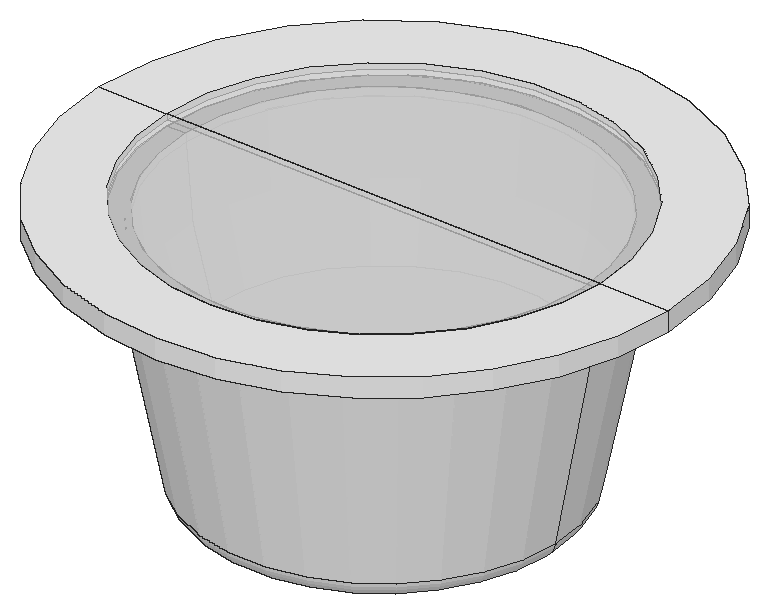
Revit family "2060547+2028036 Sylvania Lighting Fixture ASCENT 100 II ARCH 1000 4K DALI 160 with IP44 Frost Glass", category Lighting Fixtures, host Face, Revit 2016
Family settings
  Host = Face
  Part Type = Normal
  Round Connector Dimension = Use Diameter
  OmniClass Number = 23.80.70.11.17
  OmniClass Title = Specialized Lighting by Location or Use
  Cut with Voids When Loaded = No
  Light Source = Yes
  Shared = No
  Room Calculation Point = No
Parameters (values of type "2060547+2028036 ASCT100 II ARCH 1000 4K DALI 160 with IP44 Frost Glass")
  WidthBezelAcc_SYL = 25.0 mm
  Weight = "1.2 kg"
  Wattage = 7 W
  WarrantyStartDate [instance] = "n/a"
  WarrantyGuarantorParts = "n/a"
  WarrantyDurationUnit = "n/a"
  WarrantyDurationParts = "n/a"
  WarrantyDescription = "n/a"
  built-in parameter 1150110 = 1 (stored number, unit not read)
  Voltage = 0 V
  VisibilityAccessory_SYL = yes
  TypeName = "ASCENT 100 II ARCH 1000 4K DALI 160 with IP44 Frost Glass"
  built-in parameter 1114217 = 1 (stored number, unit not read)
  Tilt Angle = -90°
  built-in parameter 1150109 = 1 (stored number, unit not read)
  built-in parameter 1150134 = 12
  built-in parameter 1150113 = 1 (stored number, unit not read)
  SerialNumber [instance] = "n/a"
  ReflectorRadius_SYL = Radius_SYL - 14.5 mm  # 80.0 mm
  RadiusAcc_SYL = 105.0 mm
  Radius_SYL = 94.5 mm
  URL = "http://www.sylvania-lighting.com"
  PowerFactor = 0
  PowerConsumption = "7 W"
  Photometric Web File = "2060547.ies"
  NominalWidth = 0.0 mm
  NominalLength = 0.0 mm
  NominalHeight = 94.0 mm
  Name = "ASCENT 100 II ARCH 1000 4K DALI 160 with IP44 Frost Glass"
  ModelReference = "ASCENT 100 II ARCH 1000 4K DALI 160 with IP44 Frost Glass"
  ModelNumber = "2060547+2028036"
  Material_4_SYL = none
  Material_3_SYL = Polycarbonate_Sylvania_Ascent_Opal
  Material_2_SYL = Aluminium_Sylvania_Ascent_Silver
  Material_1_SYL = Aluminum_Sylvania_Ascent_White
  Material = "aluminium housing, arcylic diffuser"
  ManufacturerName = "Feilo Sylvania"
  LuminousEfficacy = "144 lm/W"
  built-in parameter 1150105 = 80.214 (stored number, unit not read)
  Lumens = 1008 lm
  LuminaireType = ""
  built-in parameter 1150115 = 1 (stored number, unit not read)
  LightOutputRatio = "100"
  built-in parameter 1150137 = (empty or 0)
  built-in parameter 1150139 = (empty or 0)
  LampsType = Lamp  # "LED"
  LampNominalLuminous = "1009 lm"
  LampMacAdamStep = "3"
  LampColourTemperature = "4000 K"
  LampColourRenderingIndex = "80"
  built-in parameter 1150112 = 1 (stored number, unit not read)
  built-in parameter 1150114 = 1 (stored number, unit not read)
  Keynote = "16500"
  InstallationDate [instance] = "n/a"
  InputVoltage = "n/a"
  InputNominalFrequency = "n/a"
  built-in parameter 1150132 = (empty or 0)
  built-in parameter 1150102 = (empty or 0)
  built-in parameter 1150107 = 4000 (stored number, unit not read)
  built-in parameter 1150138 = (empty or 0)
  IngressProtection = "IP44"
  ImpactProtectionIndex = "IK02"
  built-in parameter 1150106 = 0.80214 (stored number, unit not read)
  IfcExportType = "IfcLightFixtureType"
  IfcExportAs = "IfcLightFixtureType"
  Height_SYL = 94.0 mm
  HeightAcc_SYL = 7.0 mm
  ExpectedLife = 50000
  EmittionSurface_SYL = if(VisibilityAccessory_SYL, 7.0 mm, 3.0 mm)  # 7.0 mm
  Emit from Circle Diameter = DiffuserRadius_SYL * 2  # 146.0 mm
  Emit Shape Visible in Rendering = no
  ElectricShockClassification = "Class II"
  built-in parameter 1150104 = 13.378 (stored number, unit not read)
  DurationUnit = "hours"
  DocumentationLiterature = "http://www.sylvania-lighting.com/product/en-int/products/2060547"
  DimmingControlOptions = "n/a"
  Dimming Lamp Color Temperature Shift = <None>
  DiffuserRadius_SYL = ReflectorRadius_SYL - 7.0 mm  # 73.0 mm
  Diameter_SYL = 2 * Radius_SYL  # 189.0 mm
  CutoutDiameter_SYL = Diameter_SYL - 13.0 mm  # 176.0 mm
  CreatedOn = "9/17/2018"
  CreatedBy = "@sylvania-lighting.com"
  Color Filter = 16777215
  built-in parameter 1114216 [instance] = 1 (stored number, unit not read)
  Model = "ASCENT 100 II ARCH 1000 4K DALI 160 with IP44 Frost Glass"
  Manufacturer = "Feilo Sylvania"
  Lamp = "LED"
  Description = "Direct LED retro fit for original LED 100 Arch (160) single CFL lamp offering Matching lumen levels and improved light distribution of original LED 100 CFL lamp equivalents Typically half the power consumption compared to CFL Up to 112lm/W 160mm aperture Architectural reflector accepts range of glass accessories from existing LED 100 Arch 160 offering HE, HO and VHO versions equivalent of single 1 x 18W, 1 x 32W, 1 x 42W\r\n Additional VVHO versions which offer the performance circa 2 x 32W equivalent"  # constant formula
  Default Elevation = 0.0 mm
  built-in parameter 1140040 [instance] = 1
  BarCode [instance] = "n/a"
  built-in parameter 1114218 = 1 (stored number, unit not read)
  built-in parameter 1150133 = 10 (stored number, unit not read)
  AssetType = "Fixed"
  AssetIdentifier [instance] = "n/a"
  Assembly Code = "D5020200"
  Apparent Load = 7 VA
  Aperture_SYL = 2 * ReflectorRadius_SYL  # 160.0 mm
Reference planes
  plane 1 "Center (Front/Back)": y = 0
  plane 2: z = 0
  plane 3 "Center (Left/Right)": x = 0
  plane 4 "Fixture Bottom": z = 3
  plane 5: z = -52.5
  plane 6 "Fixture Top": z = -91
  plane 7: x = -105
  plane 8: z = 7
  plane 9: x = -80
  plane 10: z = 5
  plane 11: x = -103
Forms (mm)
  Extrusion 1, solid, material "Aluminum_Sylvania_Ascent_White", detail levels fine
    sketch origin (0, 0, 0) x (1, 0, 0) y (0, 1, 0)
      loop
        circle (0, 0) r 94.5
      loop
        circle (0, 0) r 80
    from 0 to 3
  Extrusion 2, void
    sketch origin (0, 0, 0) x (1, 0, 0) y (0, 1, 0)
      loop
        circle (0, 0) r 88
    from -91 to 3
  Revolve 3, solid, material "Aluminum_Sylvania_Ascent_White" <- "Material_1_SYL", detail levels fine
    sketch origin (0, 0, 0) x (1, 0, 0) y (0, 0, 1)
      loop
        line (0, -91.073) -> (0, -89.023) -> (-55.468, -89.014)
        arc (-55.468, -89.014) -> (-59.352, -87.613) -> (-61.54, -84.139) r 6.307
        line (-61.54, -84.139) -> (-77.991, -2.844) -> (-77.991, 0) -> (-80, 0) -> (-80, -3) -> (-63.5, -84.536)
        arc (-63.5, -84.536) -> (-60.643, -89.203) -> (-55.5, -91.073) r 8.291
        line (-55.5, -91.073) -> (0, -91.073)
      axis (0, 0) -> (0, -91.073)
    angle from 0 to 360
  Revolve 4, solid, material "Aluminium_Sylvania_Ascent_Silver" <- "Material_2_SYL", detail levels fine
    sketch origin (0, 0, 0) x (1, 0, 0) y (0, 0, 1)
      loop
        line (-80, 3) -> (-80, 0) -> (-75, 0)
        arc (-75, 0) -> (-72.349, -26.77) -> (-64.5, -52.5) r 136.5
        line (-64.5, -52.5) -> (-58, -52.5)
        arc (-58, -52.5) -> (-56.857, -61.521) -> (-53.5, -69.971) r 36.166
        line (-53.5, -69.971) -> (0, -69.971) -> (0, -50.5) -> (-63.16, -50.5)
        arc (-63.16, -50.5) -> (-70.517, -25.725) -> (-73, 0) r 134.5
        line (-73, 0) -> (-73, 3) -> (-80, 3)
      axis (0, 3) -> (0, -69.971)
    angle from 0 to 360
  Extrusion 5, solid, material "Polycarbonate_Sylvania_Ascent_Opal" <- "Material_3_SYL", detail levels fine
    sketch origin (0, 0, 0) x (1, 0, 0) y (0, 1, 0)
      loop
        circle (0, 0) r 73
    from 0 to 3
  Revolve 6, solid, material "Aluminum_Sylvania_Ascent_White" <- "Material_1_SYL", detail levels coarse+medium
    sketch origin (0, 0, 0) x (1, 0, 0) y (0, 0, 1)
      loop
        line (0, -91.073) -> (0, 3) -> (-94.5, 3) -> (-94.5, 0) -> (-79.5, 0) -> (-79.5, -3) -> (-63, -84.536)
        arc (-63, -84.536) -> (-60.143, -89.203) -> (-55, -91.073) r 8.291
        line (-55, -91.073) -> (0, -91.073)
      axis (0, 3) -> (0, -91.073)
    angle from 0 to 360
  Revolve 7, solid, material "Aluminum_Sylvania_Ascent_White" <- "Material_1_SYL", visible <- "VisibilityAccessory_SYL"
    sketch origin (0, 0, 0) x (1, 0, 0) y (0, 0, 1)
      loop
        line (-105, 0) -> (-103, 0) -> (-103, 5) -> (-80, 5) -> (-80, 7) -> (-105, 7) -> (-105, 0)
      axis (0, 7) -> (0, 0)
    angle from 0 to 360
  Revolve 8, solid, material "Polycarbonate_Sylvania_Ascent_Opal" <- "Material_3_SYL", visible <- "VisibilityAccessory_SYL"
    sketch origin (0, 0, 0) x (1, 0, 0) y (0, 0, 1)
      loop
        line (-80, 7) -> (-80, 5) -> (0, 5) -> (0, 7) -> (-80, 7)
      axis (0, 7) -> (0, 5)
    angle from 0 to 360
Lines and regions (mm)
  reference lines
    curve 1: line (-150, 0, 7) -> (125, 0, 7)
Dimensions and locks
  locked: plane 4 "Fixture Bottom" to plane 2 at 3
  "Height_SYL": plane 4 "Fixture Bottom" to plane 6 "Fixture Top"
  "ReflectorRadius_SYL": plane 3 "Center (Left/Right)" to Revolve 4 sketch curve
  locked: Revolve 4 sketch curve to Revolve 4 sketch curve at 15.5
  locked: Revolve 4 sketch curve to Revolve 4 sketch curve at 5
  locked: Revolve 4 sketch curve to Revolve 4 sketch curve at 7
  locked: Revolve 4 sketch curve to Revolve 4 sketch curve at 22
  locked: Revolve 4 sketch curve to Revolve 4 sketch curve at 26.5
  locked: Revolve 3 sketch curve to Revolve 3 sketch curve at 16.5
  locked: Revolve 3 sketch curve to Revolve 3 sketch curve at 24.5
  "ReflectorRadius_SYL": Revolve 3 sketch curve to plane 3 "Center (Left/Right)"
  locked: Revolve 3 sketch curve to plane 6 "Fixture Top" at 6.464
  locked: plane 2 to Revolve 3 sketch curve at 3
  locked: Revolve 3 sketch curve to Revolve 3 sketch curve at 2
  locked: Revolve 3 sketch curve to Revolve 3 sketch curve at 2.009
  locked: plane 2 to plane 5 at 52.5
  locked: Revolve 6 sketch curve to Revolve 6 sketch curve at 31.5
  locked: Revolve 6 sketch curve to Revolve 6 sketch curve at 39.5
  locked: Revolve 6 sketch curve to Revolve 6 sketch curve at 15
  "Radius_SYL": plane 3 "Center (Left/Right)" to Revolve 6 sketch curve
  "RadiusAcc_SYL": plane 3 "Center (Left/Right)" to plane 7
  "HeightAcc_SYL": plane 8 to level
  "WidthBezelAcc_SYL": plane 7 to plane 9
  locked: plane 7 to plane 11 at 2
  locked: plane 8 to plane 10 at 2
  "EmittionSurface_SYL": curve 1 to level
  "CutoutDiameter_SYL": diameter of Extrusion 2 sketch curve
  "ReflectorRadius_SYL": radius of Extrusion 1 sketch curve
  "DiffuserRadius_SYL": radius of Extrusion 5 sketch curve
  "Radius_SYL": radius of Extrusion 1 sketch curve
  aligned and locked: host face to plane 2
  aligned and locked: host face to level
  aligned and locked: plane 4 "Fixture Bottom" to Extrusion 1
  aligned and locked: Extrusion 1 to plane 2
  aligned and locked: Revolve 3 sketch curve to plane 3 "Center (Left/Right)"
  aligned and locked: Revolve 4 sketch curve to plane 3 "Center (Left/Right)"  (x2)
  aligned and locked: plane 4 "Fixture Bottom" to Revolve 4 sketch curve
  aligned and locked: Extrusion 5 to plane 2
  aligned and locked: plane 2 to Revolve 3 sketch curve  (x2)
  aligned and locked: Revolve 6 sketch curve to plane 3 "Center (Left/Right)"
  aligned and locked: plane 6 "Fixture Top" to Extrusion 2
  aligned and locked: Revolve 7 sketch curve to plane 3 "Center (Left/Right)"
  aligned and locked: host face to Revolve 7 sketch curve  (x2)
  aligned and locked: Revolve 7 sketch curve to plane 7
  aligned and locked: plane 8 to Revolve 7 sketch curve
  aligned and locked: plane 9 to Revolve 7 sketch curve
  aligned and locked: Revolve 7 sketch curve to plane 10
  aligned and locked: plane 11 to Revolve 7 sketch curve
  aligned and locked: Revolve 7 to Revolve 8 sketch curve
  aligned and locked: Revolve 8 sketch curve to Revolve 7  (x2)
  aligned and locked: Revolve 8 sketch curve to plane 3 "Center (Left/Right)"  (x2)
  aligned and locked: plane 3 "Center (Left/Right)" to imposter light
  aligned and locked: imposter light to plane 1 "Center (Front/Back)"
  aligned and locked: imposter light to curve 1
Automatic sketch dimensions
  plane 1 "Center (Front/Back)" to Extrusion 2 sketch curve = 0.0 mm
  Extrusion 2 sketch curve to plane 3 "Center (Left/Right)" = 0.0 mm
  Extrusion 1 sketch curve to Extrusion 1 sketch curve = 0.0 mm  (x2)
  plane 1 "Center (Front/Back)" to Extrusion 1 sketch curve = 0.0 mm
  Extrusion 1 sketch curve to plane 3 "Center (Left/Right)" = 0.0 mm
  plane 6 "Fixture Top" to Revolve 3 sketch curve = 0.073 mm
  Revolve 3 sketch curve to plane 6 "Fixture Top" = 6.861 mm
  Revolve 3 sketch curve to Revolve 3 sketch curve = 0.003 mm
  Revolve 3 sketch curve to Revolve 3 sketch curve = 0.009 mm  (x2)
  Revolve 3 sketch curve to Revolve 3 sketch curve = 0.023 mm
  Revolve 3 sketch curve to Revolve 3 sketch curve = 0.072 mm
  Revolve 3 sketch curve to Revolve 3 sketch curve = 0.008 mm
  Revolve 3 sketch curve to plane 6 "Fixture Top" = 1.977 mm
  Revolve 3 sketch curve to Revolve 3 sketch curve = 33.496 mm
  Revolve 3 sketch curve to Revolve 3 sketch curve = 0.028 mm
  plane 4 "Fixture Bottom" to Revolve 3 sketch curve = 82.431 mm
  Revolve 4 sketch curve to Revolve 4 sketch curve = 0.0 mm  (x2)
  Revolve 4 sketch curve to plane 5 = 0.0 mm
  Revolve 4 sketch curve to level = 0.0 mm
  plane 5 to Revolve 4 sketch curve = 2.0 mm
  plane 4 "Fixture Bottom" to Revolve 4 sketch curve = 9.642 mm
  plane 1 "Center (Front/Back)" to Extrusion 5 sketch curve = 0.0 mm
  Extrusion 5 sketch curve to plane 3 "Center (Left/Right)" = 0.0 mm
  Revolve 4 sketch curve to level = 69.971 mm
  Revolve 4 sketch curve to Revolve 4 sketch curve = 2.387 mm
  Revolve 6 sketch curve to level = 0.0 mm
  Revolve 6 sketch curve to plane 3 "Center (Left/Right)" = 0.0 mm
  Revolve 6 sketch curve to Revolve 6 sketch curve = 8.104 mm
  Revolve 6 sketch curve to level = 3.0 mm
  Revolve 6 sketch curve to plane 6 "Fixture Top" = 6.464 mm
  plane 6 "Fixture Top" to Revolve 6 sketch curve = 0.073 mm
  Revolve 6 sketch curve to Revolve 6 sketch curve = 33.496 mm
  plane 4 "Fixture Bottom" to Revolve 6 sketch curve = 82.431 mm
  host sketch curve to host sketch curve = 1704.996 mm
  host sketch curve to host sketch curve = 1500.0 mm
  plane 6 "Fixture Top" to Revolve 7 sketch curve = 281.274 mm
  Revolve 7 sketch curve to plane 8 = 1140.706 mm
  plane 6 "Fixture Top" to Revolve 8 sketch curve = 281.274 mm
  Revolve 8 sketch curve to Revolve 8 sketch curve = 1140.706 mm
  Revolve 3 sketch curve to plane 3 "Center (Left/Right)" = 0.0 mm
  Revolve 6 sketch curve to plane 4 "Fixture Bottom" = 0.0 mm
  plane 7 to curve 1 = 45.0 mm
  plane 3 "Center (Left/Right)" to curve 1 = 125.0 mm
Connectors
  electrical at (0, 0, -91.073), driven by "Apparent Load"
    settings: on Revolve 3, index 1, voltage 240 V, apparent load 0 VA, apparent load phase1 7 VA, apparent load phase2 0 VA, apparent load phase3 0 VA, power factor 1, load classification "Lighting", number of poles 1, system type 31, power factor state 1, is connector primary yes, connector utility no, sub classification motor no, connector description ""
